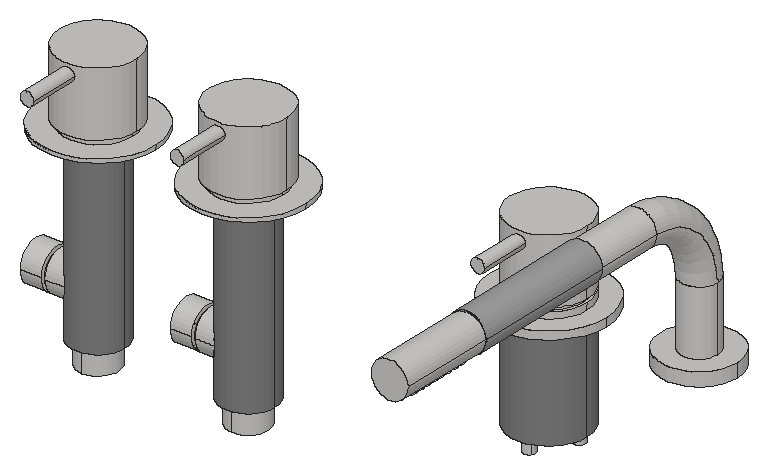
Revit family "SC4", category Plumbing Fixtures, Revit 2021
Family settings
  Round Connector Dimension = Use Diameter
  Part Type = Normal
  Work Plane-Based = No
  Always vertical = Yes
  Cut with Voids When Loaded = No
  Shared = No
  Room Calculation Point = No
Parameters
  e-mail = "info@vola.com"
  URL = "http://vola.com"
  Telephone = "+45 7023 5500"
  Quality management standard = "ISO 9001"
  Organisation no. / DUNS no. = "17531328"
  Occupational health and safety management standard = "ISO 18001"
  Mounting Instructions = "http://vola.com/service/producturl.ashx?name=SC4"
  Model = "SC4"
  Materials and components information = "http://vola.com/service/producturl.ashx?name=SC4"
  Manufacturer = "VOLA A/S"
  Maintenance Instructions = "http://vola.com/service/producturl.ashx?name=SC4"
  Guarantee = "2 years"
  Flow = "50,00 l/min"
  Environmental management standard = "ISO 14000"
  Default Elevation = 0.00 mm
  Connection - All relevant connections = "½\" and 10mm flexible hose"
  Approvals = "http://vola.com/service/producturl.ashx?name=SC4"
Reference planes
  plane 1 "Center (Front/Back)": y = 0
  plane 2: z = 0
  plane 3 "Center (Left/Right)": x = 0
Dimensions and locks
  aligned and locked: plane 2 to level
Nested families
  nested 1: "S50" at (-234, 0, 0), type "S50"
  nested 2: "500T1" at (0, 0, 0), type "500T1"
  nested 3: "S50" at (-312, 0, 0), type "S50"
  nested 4: "001" at (-234, 0, 0), type "001"
  nested 5: "001" at (-312, 0, 0), type "001"
Connectors
  piping at (-88.825, 6.25, -63), diameter 6
    settings: on nested 2, index 1, connector inside diameter 0.23622", connector length 0.00 mm, flow factor 0, pipe flow 0 GPM, pressure drop 0.00 psi, fitting loss kfactor 0, connector angle 0.00°, fixture units 0, engagement length 0.00 mm, angle of deflection 0.00°, flow configuration 0, flow direction 1, fitting loss method 0, system type 19, joint type 0, gender type 0, connector reference index -1, connector utility 0, adjustable connector no, is connector primary yes, connector description ""
  piping at (-67.175, 6.25, -63), diameter 6
    settings: on nested 2, index 2, connector inside diameter 0.23622", connector length 0.00 mm, flow factor 0, pipe flow 0 GPM, pressure drop 0.00 psi, fitting loss kfactor 0, connector angle 0.00°, fixture units 0, engagement length 0.00 mm, angle of deflection 0.00°, flow configuration 0, flow direction 1, fitting loss method 0, system type 20, joint type 0, gender type 0, connector reference index -1, connector utility 0, adjustable connector no, is connector primary no, connector description ""
  piping at (-234, 0, -110), diameter 20.9
    settings: on nested 1, index 3, connector inside diameter 0.82283", connector length 0.00 mm, flow factor 0, pipe flow 0 GPM, pressure drop 0.00 psi, fitting loss kfactor 0, connector angle 0.00°, fixture units 0, engagement length 0.00 mm, angle of deflection 0.00°, flow configuration 0, flow direction 1, fitting loss method 0, system type 20, joint type 0, gender type 0, connector reference index -1, connector utility 0, adjustable connector no, is connector primary no, connector description ""
  piping at (-312, 0, -110), diameter 20.9
    settings: on nested 3, index 4, connector inside diameter 0.82283", connector length 0.00 mm, flow factor 0, pipe flow 0 GPM, pressure drop 0.00 psi, fitting loss kfactor 0, connector angle 0.00°, fixture units 0, engagement length 0.00 mm, angle of deflection 0.00°, flow configuration 0, flow direction 1, fitting loss method 0, system type 19, joint type 0, gender type 0, connector reference index -1, connector utility 0, adjustable connector no, is connector primary no, connector description ""
Definition of nested family "S50"
  Parameters
    e-mail = "info@vola.com"
    URL = "http://vola.com"
    Telephone = "+45 7023 5500"
    Quality management standard = "ISO 9001"
    Organisation no. / DUNS no. = "17531328"
    Occupational health and safety management standard = "ISO 18001"
    Mounting Instructions = "http://vola.com/service/producturl.ashx?name=S50"
    Model = "S50"
    Materials and components information = "http://vola.com/service/producturl.ashx?name=S50"
    Manufacturer = "VOLA A/S"
    Maintenance Instructions = "http://vola.com/service/producturl.ashx?name=S50"
    Guarantee = "2 years"
    Flow = "32,00 l/min"
    Environmental management standard = "ISO 14000"
    Default Elevation = 0.00 mm
    Connection - All relevant connections = "½\" for water connection"
    Approvals = "http://vola.com/service/producturl.ashx?name=S50"
  Reference planes
    plane 1 "Center (Front/Back)": y = 0
    plane 2: z = 0
    plane 3 "Center (Left/Right)": x = 0
  Forms (mm)
    Extrusion 1, solid
      sketch origin (0, 0, 2) x (1, 0, 0) y (0, 1, 0)
        loop
          circle (0, 0) r 18
      from 0 to 3
    Extrusion 2, solid
      sketch origin (0, 0, 5) x (1, 0, 0) y (0, 1, 0)
        loop
          circle (0, 0) r 20
      from 0 to 33.5
    Extrusion 3, solid
      sketch origin (0, 0, -1.25) x (1, 0, 0) y (0, 0, 1)
        loop
          circle (0, 34.5) r 3.5
      from 0 to 46
    Extrusion 4, solid
      sketch origin (0, 0, 0) x (1, 0, 0) y (0, 1, 0)
        loop
          circle (0, 0) r 14
      from 2 to -98
    Extrusion 5, solid
      sketch origin (0, 0, -98) x (0, 1, 0) y (1, 0, 0)
        loop
          circle (0, 0) r 9
      from 0 to 2
    Extrusion 6, solid
      sketch origin (0, 0, -100) x (-1, 0, 0) y (0, 1, 0)
        loop
          circle (0, 0) r 10.45
      from 10 to 0
    Extrusion 7, solid
      sketch origin (0, 0, 25) x (0, 1, 0) y (0, 0, 1)
        loop
          circle (0, -98) r 10.5
      from -19 to 0
    Extrusion 8, solid
      sketch origin (-19, 0, 25) x (0, -1, 0) y (0, 0, 1)
        loop
          circle (0, -98) r 9
      from 2 to 0
    Extrusion 9, solid
      sketch origin (-21, 0, 25) x (0, -1, 0) y (0, 0, 1)
        loop
          circle (0, -98) r 10.45
      from 11 to 0
    Extrusion 10, void
      sketch origin (0, 0, -98) x (1, 0, 0) y (0, 1, 0)
        loop
          circle (0, 0) r 14
      from 41.193 to 9.651
  Cuts and joins
    joined: Extrusion 2, Extrusion 3
    Extrusion 10 cuts Extrusion 5
    Extrusion 10 cuts Extrusion 7
  Lines and regions (mm)
    reference lines
      curve 1: line (0, 0, -110) -> (0, 0, -140)
      curve 2: line (-32, 0, -73) -> (-62, 0, -73)
    model lines
      curve 3: line (6.05, 19.063, 38.5) -> (6.05, -19.063, 38.5)
      curve 4: line (-6.05, -19.063, 38.5) -> (-6.05, 19.063, 38.5)
  Dimensions and locks
    aligned and locked: plane 2 to level
Definition of nested family "500T1"
  Parameters
    e-mail = "info@vola.com"
    URL = "http://vola.com"
    Telephone = "+45 7023 5500"
    Quality management standard = "ISO 9001"
    Organisation no. / DUNS no. = "17531328"
    Occupational health and safety management standard = "ISO 18001"
    Mounting Instructions = "http://vola.com/service/producturl.ashx?name=500T1"
    Model = "500T1"
    Materials and components information = "http://vola.com/service/producturl.ashx?name=500T1"
    Manufacturer = "VOLA A/S"
    Maintenance Instructions = "http://vola.com/service/producturl.ashx?name=500T1"
    Guarantee = "2 years"
    Flow = "11,00 l/min"
    Environmental management standard = "ISO 14000"
    Default Elevation = 0.00 mm
    Connection - All relevant connections = "10mm flexible hose"
    Approvals = "http://vola.com/service/producturl.ashx?name=500T1"
  Reference planes
    plane 1 "Center (Front/Back)": y = 0
    plane 2: z = 0
    plane 3 "Center (Left/Right)": x = 0
  Dimensions and locks
    aligned and locked: plane 2 to level
  Nested families
    nested 1: "T1" at (0, 0, 0), type "T1"
    nested 2: "500" at (-78, 0, 0), type "500"
  Connectors
    piping at (-88.825, 6.25, -63), diameter 6
      settings: on nested 2, index 1, connector inside diameter 0.23622", connector length 0.00 mm, flow factor 0, pipe flow 0 GPM, pressure drop 0.00 psi, fitting loss kfactor 0, connector angle 0.00°, fixture units 0, engagement length 0.00 mm, angle of deflection 0.00°, flow configuration 0, flow direction 1, fitting loss method 0, system type 19, joint type 0, gender type 0, connector reference index -1, connector utility 0, adjustable connector no, is connector primary yes, connector description ""
    piping at (-67.175, 6.25, -63), diameter 6
      settings: on nested 2, index 2, connector inside diameter 0.23622", connector length 0.00 mm, flow factor 0, pipe flow 0 GPM, pressure drop 0.00 psi, fitting loss kfactor 0, connector angle 0.00°, fixture units 0, engagement length 0.00 mm, angle of deflection 0.00°, flow configuration 0, flow direction 1, fitting loss method 0, system type 20, joint type 0, gender type 0, connector reference index -1, connector utility 0, adjustable connector no, is connector primary no, connector description ""
  Definition of nested family "T1"
    Parameters
      e-mail = "info@vola.com"
      URL = "http://vola.com"
      Telephone = "+45 7023 5500"
      Quality management standard = "ISO 9001"
      Organisation no. / DUNS no. = "17531328"
      Occupational health and safety management standard = "ISO 18001"
      Mounting Instructions = "http://vola.com/service/producturl.ashx?name=T1"
      Model = "T1"
      Materials and components information = "http://vola.com/service/producturl.ashx?name=T1"
      Manufacturer = "VOLA A/S"
      Maintenance Instructions = "http://vola.com/service/producturl.ashx?name=T1"
      Guarantee = "2 years"
      Environmental management standard = "ISO 14000"
      Default Elevation = 0.00 mm
      Connection - All relevant connections = ""
      Approvals = "http://vola.com/service/producturl.ashx?name=T1"
    Reference planes
      plane 1 "Center (Front/Back)": y = 0
      plane 2: z = 0
      plane 3 "Center (Left/Right)": x = 0
    Forms (mm)
      Extrusion 1, solid
        sketch origin (0, 0, 0) x (1, 0, 0) y (0, 1, 0)
          loop
            circle (0, 0) r 20
        from 0 to 7
      Sweep 2, solid
        path origin (0, 0, 0) x (0, 1, 0) y (0, 0, 1)
          loop
            line (0, 7) -> (0, 40.5)
            arc (0, 40.5) -> (-11.569, 68.431) -> (-39.5, 80) r 39.5
            line (-39.5, 80) -> (-75.5, 80)
        profile origin (0, 0, 23.75) x (0, -1, 0) y (1, 0, 0)
          loop
            circle (0, 0) r 9.5
      Extrusion 3, solid
        sketch origin (0, -75.5, 80) x (1, 0, 0) y (0, 0, 1)
          loop
            circle (0, 0) r 10
        from 0 to 75
      Extrusion 4, solid
        sketch origin (0, -150.5, 80) x (1, 0, 0) y (0, 0, 1)
          loop
            circle (0, 0) r 9.5
        from 0 to 50
      Extrusion 5, solid
        sketch origin (0, 9.25, 62.884) x (1, 0, 0) y (0, 1, 0)
          loop
            circle (0, -200.45) r 1.225
          loop
            circle (0, -195.95) r 1.225
          loop
            circle (0, -191.45) r 1.225
          loop
            circle (0, -186.95) r 1.225
          loop
            circle (0, -182.45) r 1.225
          loop
            circle (0, -177.95) r 1.225
          loop
            circle (0, -173.45) r 1.225
          loop
            circle (0, -168.95) r 1.225
        from 7.116 to 10.217
      Extrusion 6, solid
        sketch origin (8.298, 9.25, 65.03) x (-0.87462, 0, -0.48481) y (0, -1, 0)
          loop
            circle (0, 200.45) r 1.225
          loop
            circle (0, 195.95) r 1.225
          loop
            circle (0, 191.45) r 1.225
          loop
            circle (0, 186.95) r 1.225
          loop
            circle (0, 182.45) r 1.225
          loop
            circle (0, 177.95) r 1.225
          loop
            circle (0, 173.45) r 1.225
          loop
            circle (0, 168.95) r 1.225
        from 7.116 to 10.217
      Extrusion 7, solid
        sketch origin (-8.298, 9.25, 65.03) x (0.87462, 0, -0.48481) y (0, 1, 0)
          loop
            circle (0, -200.45) r 1.225
          loop
            circle (0, -195.95) r 1.225
          loop
            circle (0, -191.45) r 1.225
          loop
            circle (0, -186.95) r 1.225
          loop
            circle (0, -182.45) r 1.225
          loop
            circle (0, -177.95) r 1.225
          loop
            circle (0, -173.45) r 1.225
          loop
            circle (0, -168.95) r 1.225
        from 7.116 to 10.217
    Cuts and joins
      joined: Extrusion 4, Extrusion 5, Extrusion 6, Extrusion 7
    Dimensions and locks
      aligned and locked: plane 2 to level
  Definition of nested family "500"
    Parameters
      e-mail = "info@vola.com"
      URL = "http://vola.com"
      Telephone = "+45 7023 5500"
      Quality management standard = "ISO 9001"
      Organisation no. / DUNS no. = "17531328"
      Occupational health and safety management standard = "ISO 18001"
      Mounting Instructions = "http://vola.com/service/producturl.ashx?name=500"
      Model = "500"
      Materials and components information = "http://vola.com/service/producturl.ashx?name=500"
      Manufacturer = "VOLA A/S"
      Maintenance Instructions = "http://vola.com/service/producturl.ashx?name=500"
      Guarantee = "2 years"
      Flow = "14,50 l/min"
      Environmental management standard = "ISO 14000"
      Default Elevation = 0.00 mm
      Connection - All relevant connections = "10mm flexible hose"
      Approvals = "http://vola.com/service/producturl.ashx?name=500"
    Reference planes
      plane 1 "Center (Front/Back)": y = 0
      plane 2: z = 0
      plane 3 "Center (Left/Right)": x = 0
    Forms (mm)
      Extrusion 1, solid
        sketch origin (0, 0, 0) x (1, 0, 0) y (0, 1, 0)
          loop
            circle (0, 0) r 30
        from 0 to 4
      Extrusion 2, solid
        sketch origin (0, 0, 7.5) x (1, 0, 0) y (0, 1, 0)
          loop
            circle (0, 0) r 18.25
        from 0 to 2
      Extrusion 3, solid
        sketch origin (0, 0, 9.5) x (1, 0, 0) y (0, 1, 0)
          loop
            circle (0, 0) r 20
        from 0 to 33.5
      Extrusion 4, solid
        sketch origin (0, 0, 3.25) x (1, 0, 0) y (0, 0, 1)
          loop
            circle (0, 34.5) r 3.5
        from 0 to 46
      Extrusion 5, solid
        sketch origin (0, 0, 0) x (0, 1, 0) y (1, 0, 0)
          loop
            circle (0, 0) r 20
        from 0 to 55
      Extrusion 6, solid
        sketch origin (0, 0, -55) x (0, 1, 0) y (1, 0, 0)
          loop
            circle (6.25, 10.825) r 3
          loop
            circle (6.25, -10.825) r 3
          loop
            circle (-12.5, 0) r 3
        from 0 to 8
      Extrusion 7, solid
        sketch origin (0, 0, 4) x (1, 0, 0) y (0, 1, 0)
          loop
            circle (0, 0) r 20
        from 0 to 3.5
    Cuts and joins
      joined: Extrusion 3, Extrusion 4
    Lines and regions (mm)
      model lines
        curve 1: line (6.05, -19.063, 43) -> (6.05, 19.063, 43)
        curve 2: line (-6.05, -19.063, 43) -> (-6.05, 19.063, 43)
      reference lines
        curve 3: line (-10.825, 6.25, -55) -> (-10.825, 6.25, -80)
        curve 4: line (10.825, 6.25, -55) -> (10.825, 6.25, -80)
    Dimensions and locks
      aligned and locked: plane 2 to level
Definition of nested family "001"
  Parameters
    e-mail = "info@vola.com"
    URL = "http://vola.com"
    Telephone = "+45 7023 5500"
    Quality management standard = "ISO 9001"
    Organisation no. / DUNS no. = "17531328"
    Occupational health and safety management standard = "ISO 18001"
    Mounting Instructions = "http://vola.com/service/producturl.ashx?name=001"
    Model = "001"
    Materials and components information = "http://vola.com/service/producturl.ashx?name=001"
    Manufacturer = "VOLA A/S"
    Maintenance Instructions = "http://vola.com/service/producturl.ashx?name=001"
    Guarantee = "2 years"
    Environmental management standard = "ISO 14000"
    Default Elevation = 1219.20 mm
    Connection - All relevant connections = ""
    Approvals = "http://vola.com/service/producturl.ashx?name=001"
  Reference planes
    plane 1 "Center (Front/Back)": y = 0
    plane 2: z = 0
    plane 3 "Center (Left/Right)": x = 0
  Forms (mm)
    Extrusion 1, solid
      sketch origin (0, 0, 0) x (1, 0, 0) y (0, 1, 0)
        loop
          circle (0, 0) r 16.5
        loop
          circle (0, 0) r 30
      from 0 to 2
  Dimensions and locks
    aligned and locked: plane 2 to level
